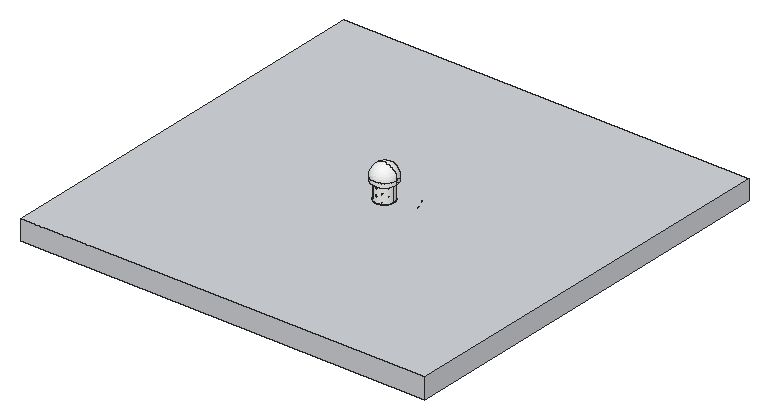
Revit family
Parameters (values of type "2"")
  WFU = 0
  URL = "WWW.MIFAB.COM"
  Top Assembly Diameter = 14.000"
  Strainer Adjustment [instance] = 2.250"
  Pipe Radius = 1.000"
  Pipe Diameter = Pipe Radius * 2  # 2.000"
  Model = "F1830-PL"
  Manufacturer = "MIFAB"
  Floor Drain Material = Paint - Sherwin Williams Paint - #952C2A - Bellwood Red
  Description = "LARGE PLANTING AREA DRAIN W/8\" HIGH PERFORATED STANDPIPE & DOME"
  Default Elevation = 0.000"
  Body Height = 6.125"
  Assembly Code = ""
Types (7): name | URL | Strainer Adjustment | Pipe Radius | Pipe Diameter | Body Height
  (no name) | "WWW.MIFAB.COM" | 2.250" | 1.000" | 2.000" | 6.125"
  2" | "WWW.MIFAB.COM" | 2.250" | 1.000" | 2.000" | 6.125"
  3" | "WWW,MIFAB.COM" | 0.250" | 1.500" | 3.000" | 6.125"
  4" | "WWW.MIFAB.COM" | 2.250" | 2.000" | 4.000" | 6.125"
  5" | "WWW.MIFAB.COM" | 2.250" | 2.500" | 5.000" | 6.125"
  6" | "WWW.MIFAB.COM" | 2.250" | 3.000" | 6.000" | 8.000"
  8" | "WWW.MIFAB.COM" | 2.250" | 4.000" | 8.000" | 8.000"
Reference planes (in)
  plane 1 "Center (Front/Back)": y = 0
  plane 2: z = 0
  plane 3 "Center (Left/Right)": x = 0
  plane 4: x = -7
  plane 5: x = 7
  plane 6: z = -6.375
  plane 7: x = 1
  plane 8: x = -1
  plane 9: z = -4.875
  plane 10: z = -0.25
  plane 11: y = -7
  plane 12: y = 7
  plane 13: x = 4.1
  plane 14: x = -4.1
  plane 15: x = -2.9
  plane 16: x = 2.9
  plane 17: z = 7.75
  plane 18: z = 3.95
  plane 19: z = 4.65
  plane 20: x = 2.2
  plane 21: z = -1.25
  plane 22: z = 4.3
  plane 23: x = 3.05
  plane 24: x = -3.05
  plane 25: x = -2.2
Forms (in)
  Extrusion 1, solid
    sketch origin (0, 0, 0) x (1, 0, 0) y (0, 1, 0)
      loop
        line (-48, 48) -> (-48, -48) -> (48, -48) -> (48, 48) -> (-48, 48)
    from 0 to -4.76487
  Revolve 2, solid, material "Paint - Sherwin Williams Paint - #952C2A - Bellwood Red" <- "Floor Drain Material"
    sketch origin (0, 0, 0) x (1, 0, 0) y (0, 0, 1)
      loop
        line (2.3125, 0) -> (0, 0) -> (0, -0.157) -> (2.2, -0.157) -> (2.2, -0.5) -> (3.98319, -0.5) -> (3.98319, -1.2944) -> (3.92466, -4.76487) -> (0.88988, -4.76487) -> (0.88988, -6.218) -> (0, -6.218) -> (0, -6.375) -> (1, -6.375) -> (1, -4.875) -> (4.03977, -4.875) -> (4.1, -1.25) -> (4.1, -0.5) -> (7, -0.5) -> (7, -0.25) -> (2.3125, -0.25) -> (2.3125, 0)
      axis (0, -6.375) -> (0, 0)
    angle from 0 to 360
  Extrusion 3, solid, material "Paint - Sherwin Williams Paint - #952C2A - Bellwood Red" <- "Floor Drain Material"
    sketch origin (0, 0, 0) x (1, 0, 0) y (0, 1, 0)
      loop
        circle (0, 0) r 2.2
      loop
        circle (0, 0) r 2.09096
    from -1.25 to 4.65
  Revolve 4, solid, material "Paint - Sherwin Williams Paint - #952C2A - Bellwood Red" <- "Floor Drain Material"
    sketch origin (0, 0, 0) x (1, 0, 0) y (0, 0, 1)
      loop
        line (-2.9, 3.95) -> (-2.4, 3.95) -> (-2.4, 4.65) -> (-1.98456, 4.65) -> (-1.98456, 6.75369)
        arc (-1.98456, 6.75369) -> (-1.07874, 7.37959) -> (0, 7.6) r 2.75
        line (0, 7.6) -> (0, 7.75)
        arc (0, 7.75) -> (-2.05061, 6.90061) -> (-2.9, 4.85) r 2.9
        line (-2.9, 4.85) -> (-2.9, 3.95)
      axis (0, 3.95) -> (0, 7.75)
    angle from 0 to 360
  Extrusion 5, void
    sketch origin (0, 0, 0) x (1, 0, 0) y (0, 0, 1)
      loop
        circle (0, 3.27692) r 0.185
      loop
        circle (0, 1.52692) r 0.185
    from -2.5202 to 2.77318
  Extrusion 6, void
    sketch origin (0, 0, -1) x (0.866025, 0.5, 0) y (0, 0, 1)
      loop
        circle (0, 3.27692) r 0.185
      loop
        circle (0, 1.52692) r 0.185
    from -2.66467 to 2.67964
  Extrusion 7, void
    sketch origin (0, 0, 0) x (0.5, 0.866025, 0) y (0, 0, 1)
      loop
        circle (0, 3.27692) r 0.185
      loop
        circle (0, 1.52692) r 0.185
    from -2.52792 to 2.67388
  Extrusion 8, void
    sketch origin (0, 0, 0) x (0.5, -0.866025, 0) y (0, 0, -1)
      loop
        circle (0, -3.27692) r 0.185
      loop
        circle (0, -1.52692) r 0.185
    from -2.67944 to 2.76049
  Extrusion 9, void
    sketch origin (0, 0, -1) x (0.866025, -0.5, 0) y (0, 0, -1)
      loop
        circle (0, -3.27692) r 0.185
      loop
        circle (0, -1.52692) r 0.185
    from -2.61808 to 2.57101
  Extrusion 10, void
    sketch origin (0, 0, -1) x (0, 1, 0) y (0, 0, 1)
      loop
        circle (0, 3.27692) r 0.185
      loop
        circle (0, 1.52692) r 0.185
    from -2.9 to 2.6
  Extrusion 11, solid, material "Paint - Sherwin Williams Paint - #952C2A - Bellwood Red" <- "Floor Drain Material"
    sketch origin (0, 0, 0) x (0, 1, 0) y (0, 0, 1)
      loop
        circle (0, 4.3) r 0.11811
    from 2.2 to 2.94392
  Extrusion 12, solid, material "Paint - Sherwin Williams Paint - #952C2A - Bellwood Red" <- "Floor Drain Material"
    sketch origin (0, -0.43209, 0) x (0, 1, 0) y (0, 0, 1)
      loop
        circle (0.43209, 4.3) r 0.17717
    from 2.9 to 3.05
  Extrusion 13, solid, material "Paint - Sherwin Williams Paint - #952C2A - Bellwood Red" <- "Floor Drain Material"
    sketch origin (0, 0, 0) x (0, 1, 0) y (0, 0, -1)
      loop
        circle (0, -4.3) r 0.11811
    from 2.2 to 2.95138
  Extrusion 14, solid, material "Paint - Sherwin Williams Paint - #952C2A - Bellwood Red" <- "Floor Drain Material"
    sketch origin (0, -0.43209, 0) x (0, 1, 0) y (0, 0, -1)
      loop
        circle (0.43209, -4.3) r 0.17717
    from 2.9 to 3.05
Cuts and joins
  Extrusion 5, Extrusion 6, Extrusion 7, Extrusion 8, Extrusion 9, Extrusion 10 cuts Extrusion 3
  joined: Revolve 2, Extrusion 3
  joined: Revolve 4, Extrusion 11, Extrusion 13
Lines and regions (in)
  symbolic lines
    curve 1: circle (0, 0, 0) r 7 normal (0, 0, 1)
    curve 2: circle (0, 0, 0) r 1.98456 normal (0, 0, 1)
Dimensions and locks (in)
  "Top Assembly Diameter": plane 4 to plane 5
  "Body Height": plane 10 to plane 6
  equal spacing: plane 5, plane 3 "Center (Left/Right)", plane 4
  equal spacing: plane 8, plane 3 "Center (Left/Right)", plane 7
  "Pipe Radius": plane 7 to plane 3 "Center (Left/Right)"
  locked: Revolve 2 sketch curve to plane 6 at 0.157
  locked: plane 9 to plane 6 at 1.5
  Revolve 2 sketch curve to Revolve 2 sketch curve to plane 10 to Revolve 2 sketch curve = 0.157" locked, 0.093" locked, 0.250" locked
  equal spacing: plane 12, plane 1 "Center (Front/Back)", plane 11
  "Top Assembly Diameter": plane 12 to plane 11
  equal spacing: plane 4, plane 3 "Center (Left/Right)", plane 5
  locked: level to plane 10 at 0.25
  equal spacing: plane 14, plane 3 "Center (Left/Right)", plane 13
  locked: plane 14 to plane 13 at 8.2
  equal spacing: plane 15, plane 3 "Center (Left/Right)", plane 16
  plane 17 to plane 10 = 8.000"
  locked: plane 19 to plane 18 at 0.7
  locked: plane 10 to plane 21 at 1
  locked: plane 17 to plane 19 at 3.1
  plane 17 to plane 18 = 3.800"
  locked: plane 16 to plane 20 at 0.7
  plane 3 "Center (Left/Right)" to Revolve 4 sketch curve to Revolve 4 sketch curve = 1.98456" locked, 0.41544" locked
  locked: plane 13 to Revolve 2 sketch curve at 0.11681
  Revolve 2 sketch curve to Revolve 2 sketch curve to plane 3 "Center (Left/Right)" = 0.11511" locked, 3.92466" locked
  locked: plane 7 to Revolve 2 sketch curve at 0.11013
  locked: Revolve 2 sketch curve to Revolve 2 sketch curve at 0.1125
  locked: plane 19 to plane 22 at 0.35
  locked: plane 23 to plane 16 at 0.15
  locked: plane 24 to plane 15 at 0.15
  locked: plane 15 to plane 25 at 0.7
  equal spacing: plane 16, plane 3 "Center (Left/Right)", plane 15
  locked: plane 16 to plane 15 at 5.8
  radius of Revolve 4 sketch curve = 2.750"
  radius of Revolve 4 sketch curve = 2.900"
  aligned and locked: plane 2 to Extrusion 1
  aligned and locked: level to Extrusion 1
  aligned and locked: Revolve 2 sketch curve to plane 6
  aligned and locked: plane 3 "Center (Left/Right)" to Revolve 2 sketch curve
  aligned and locked: Revolve 2 sketch curve to Revolve 2 sketch curve
  aligned and locked: Revolve 2 sketch curve to plane 9
  aligned and locked: Revolve 2 sketch curve to plane 10
  aligned and locked: Revolve 2 sketch curve to plane 5
  aligned and locked: plane 19 to Extrusion 3
  aligned and locked: Extrusion 3 to plane 21
  aligned and locked: Revolve 4 sketch curve to plane 15
  aligned and locked: plane 17 to Revolve 4 sketch curve
  aligned and locked: Revolve 4 sketch curve to plane 18
  aligned: plane 12 to Extrusion 5
  aligned: Extrusion 5 to plane 11
  aligned and locked: plane 7 to Revolve 2 sketch curve
  aligned and locked: Revolve 2 sketch curve to plane 21
  aligned and locked: plane 13 to Revolve 2 sketch curve
  aligned and locked: plane 20 to Revolve 2 sketch curve
  aligned and locked: plane 1 "Center (Front/Back)" to Extrusion 11 sketch curve
  aligned and locked: plane 22 to Extrusion 11 sketch curve
  aligned and locked: plane 1 "Center (Front/Back)" to Extrusion 12 sketch curve
  aligned and locked: plane 22 to Extrusion 12 sketch curve
  aligned and locked: Extrusion 11 to plane 20
  aligned: plane 16 to Extrusion 11
  aligned and locked: Extrusion 12 to plane 16
  aligned and locked: plane 23 to Extrusion 12
  aligned and locked: plane 24 to Extrusion 14
  aligned and locked: Extrusion 14 to plane 24
  aligned and locked: Extrusion 14 to plane 15
  aligned: plane 15 to Extrusion 13
  aligned and locked: Extrusion 13 to plane 25
Automatic sketch dimensions
  Extrusion 1 sketch curve to Extrusion 1 sketch curve = 96.000"  (x2)
  Revolve 2 sketch curve to plane 3 "Center (Left/Right)" = 0.000"  (x2)
  plane 9 to Revolve 2 sketch curve = 0.11013"
  Revolve 2 sketch curve to plane 21 = 0.0444"
  level to Revolve 2 sketch curve = 1.000"
  Revolve 2 sketch curve to plane 18 = 1.200"
  Extrusion 3 sketch curve to Extrusion 3 sketch curve = 0.000"  (x2)
  plane 1 "Center (Front/Back)" to Extrusion 3 sketch curve = 0.000"
  Extrusion 3 sketch curve to plane 3 "Center (Left/Right)" = 0.000"
  Revolve 4 sketch curve to Revolve 4 sketch curve = 0.000"
  Revolve 4 sketch curve to plane 3 "Center (Left/Right)" = 0.000"
  Revolve 4 sketch curve to plane 19 = 0.000"
  Revolve 4 sketch curve to Revolve 4 sketch curve = 1.900"
  Revolve 4 sketch curve to Revolve 4 sketch curve = 0.750"
  Extrusion 5 sketch curve to plane 3 "Center (Left/Right)" = 0.000"  (x2)
  level to Extrusion 5 sketch curve = 1.52692"
  Extrusion 5 sketch curve to plane 18 = 0.67308"
  level to Extrusion 6 sketch curve = 0.52692"
  Extrusion 6 sketch curve to Extrusion 6 sketch curve = 0.000"
  Extrusion 6 sketch curve to plane 18 = 1.67308"
  level to Extrusion 7 sketch curve = 1.52692"
  Extrusion 7 sketch curve to plane 18 = 0.67308"
  Extrusion 7 sketch curve to Extrusion 7 sketch curve = 0.000"
  level to Extrusion 8 sketch curve = 1.52692"
  Extrusion 8 sketch curve to plane 18 = 0.67308"
  Extrusion 8 sketch curve to Extrusion 8 sketch curve = 0.000"
  level to Extrusion 9 sketch curve = 0.52692"
  Extrusion 9 sketch curve to Extrusion 9 sketch curve = 0.000"
  Extrusion 9 sketch curve to plane 18 = 1.67308"
  Extrusion 10 sketch curve to plane 1 "Center (Front/Back)" = 0.000"  (x2)
  level to Extrusion 10 sketch curve = 0.52692"
  Extrusion 10 sketch curve to plane 18 = 1.67308"
  Extrusion 13 sketch curve to plane 1 "Center (Front/Back)" = 0.000"
  Extrusion 13 sketch curve to plane 22 = 0.000"
  Extrusion 14 sketch curve to plane 1 "Center (Front/Back)" = 0.000"
  Extrusion 14 sketch curve to plane 22 = 0.000"
  curve 1 to curve 2 = 0.000"  (x2)
  plane 1 "Center (Front/Back)" to curve 2 = 0.000"
  curve 2 to plane 3 "Center (Left/Right)" = 0.000"
  radius of Extrusion 3 sketch curve = 2.200"
  radius of Extrusion 3 sketch curve = 2.09096"
  radius of Extrusion 5 sketch curve = 0.185"  (x2)
  radius of Extrusion 6 sketch curve = 0.185"  (x2)
  radius of Extrusion 7 sketch curve = 0.185"  (x2)
  radius of Extrusion 8 sketch curve = 0.185"  (x2)
  radius of Extrusion 9 sketch curve = 0.185"  (x2)
  radius of Extrusion 10 sketch curve = 0.185"  (x2)
  radius of Extrusion 11 sketch curve = 0.11811"
  radius of Extrusion 12 sketch curve = 0.17717"
  radius of Extrusion 13 sketch curve = 0.11811"
  radius of Extrusion 14 sketch curve = 0.17717"
  radius of curve 1 = 7.000"
  radius of curve 2 = 1.98456"
Connectors (in)
  piping at (0, 0, -6.375), driven by "Pipe Radius", driven by "WFU"
    settings: on Revolve 2, index 1, connector radius 1", flow factor 0, pipe flow 0 GPM, pressure drop 0.00 psi, fitting loss kfactor 0, connector angle 0.00°, fixture units 0, flow configuration 3, flow direction 2, fitting loss method 0, system type 16, connector reference index -1, connector utility 0, adjustable connector no, is connector primary yes, fitting loss table "", connector description "Sanitary Out"
